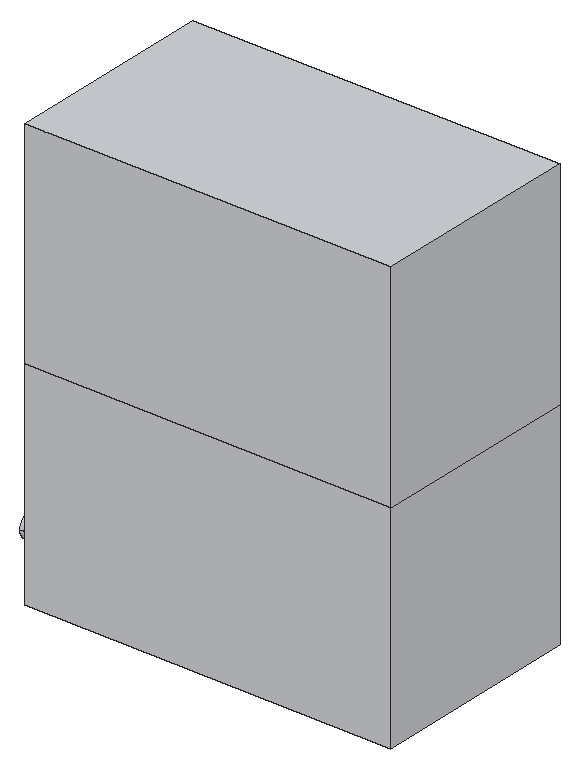
Revit family "Fan coil modular - Vertical", category Equipamento mecânico, Revit 2019
Family settings
  Cota do conector redondo = Usar raio
  Tipo de parte = Normal
  ID de item do Seek = AHU Coil - Refrigerant - Indoor-0000-USA-ENU
  Com base no plano de trabalho = Não
  Sempre na vertical = Sim
  Corte com vazios quando carregada = Não
  Compartilhado = Não
  Ponto de cálculo do ambiente = Não
Parameters (values of type "Padrão")
  Queda de pressão da água [instance] = 0.0 Pa
  Comprimento da unidade = 765 mm
  Altura da conexão mecânica 2 = Altura da unidade de entrada - 100 mm  # 350 mm
  Altura da conexão mecânica 1 = 100 mm
  Altura da unidade de entrada = Altura da unidade combinada / 2  # 450 mm
  Largura do duto de entrada = 715 mm
  Altura do duto de entrada = 400 mm
  Raio da drenagem = 20 mm
  Diâmetro da drenagem = Raio da drenagem * 2  # 40 mm
  Altura da unidade combinada = 900 mm
  Largura do duto de descarga = 715 mm
  Altura do duto de descarga = 390 mm
  Largura da unidade = 440 mm
  Fluxo de ar [instance] = 2833.2 m³/h
  Raio 2 = Raio da água mecânica + 25.4 mm  # 50.4 mm
  Raio 1 = Raio 2 / 2  # 25.2 mm
  Fluxo da drenagem [instance] = 0.0 L/s
  Material da serpentina = none
  Raio da água mecânica = 25 mm
  Fluxo da água [instance] = 1.0 L/s
  Diâmetro da água mecânica = Raio da água mecânica * 2  # 50 mm
  Queda de pressão do ar [instance] = 0.0 Pa
Reference planes
  plane 1 "Parte frontal": y = 0
  plane 2 "Inferior": z = 0
  plane 3 "Centro (direita/esquerda)": x = 0
  plane 4 "Esquerda": x = -382.5
  plane 5 "Direita": x = 382.5
  plane 6: y = 162.406
  plane 7: y = 126.2
  plane 8: y = 25.4
  plane 9: y = 75.8
  plane 10 "Topo da unidade de entrada": z = 450
  plane 11: z = 425
  plane 12: z = 25
  plane 13: x = 357.5
  plane 14: x = -357.5
  plane 15: x = -432.5
  plane 16: x = -382.5
  plane 17: x = -432.5
  plane 18: z = 50
  plane 19: z = 100
  plane 20: z = 350
  plane 21: z = 225
  plane 22 "Base": z = 0
  plane 23 "Parte posterior": y = 440
  plane 24 "Altura do duto de descarga 1": z = 25
  plane 25 "Esquerda do duto de descarga": x = -357.5
  plane 26 "Direita do duto de descarga": x = 357.5
  plane 27 "Topo da unidade combinada": z = 900
  plane 28 "Topo do duto de descarga": y = 400
  plane 29 "Duto de descarga d": y = 370
  plane 30 "Parte inferior do duto de descarga": y = 340
  plane 31 "Centro (Frente/Trás)": y = 220
Forms (mm)
  Extrusion 1, solid, material <- "Material da serpentina"
    sketch origin (0, 0, 0) x (1, 0, 0) y (0, 0, 1)
      loop
        line (-382.5, 450) -> (-382.5, 0) -> (382.5, 0) -> (382.5, 450) -> (-382.5, 450)
    from -440 to 0
  Extrusion 2, solid, material <- "Material da serpentina"
    sketch origin (0, 0, 0) x (0, 1, 0) y (0, 0, 1)
      loop
        circle (162.406, 50) r 20
    from -432.5 to -382.5
  Extrusion 3, solid, material <- "Material da serpentina"
    sketch origin (0, 0, 0) x (0, 1, 0) y (0, 0, 1)
      loop
        circle (126.2, 350) r 25
      loop
        circle (75.8, 100) r 25
    from -432.5 to -382.5
  Extrusion 4, solid, material <- "Material da serpentina"
    sketch origin (20, 451.012, 800) x (-1, 0, 0) y (0, 0, 1)
      loop
        line (402.5, 100) -> (-362.5, 100) -> (-362.5, -350) -> (402.5, -350) -> (402.5, 100)
    from -11.012 to -451.012
Cuts and joins
  joined: Extrusion 1, Extrusion 2, Extrusion 3
Dimensions and locks
  equal spacing: plane 4 "Esquerda", plane 3 "Centro (direita/esquerda)", plane 5 "Direita"
  "Comprimento da unidade": plane 4 "Esquerda" to plane 5 "Direita"
  locked: plane 1 "Parte frontal" to plane 8 at 25.4
  "Raio 2": plane 9 to plane 8
  "Altura da unidade de entrada": plane 10 "Topo da unidade de entrada" to plane 2 "Inferior"
  equal spacing: plane 14, plane 3 "Centro (direita/esquerda)", plane 13
  "Largura do duto de entrada": plane 14 to plane 13
  plane 22 "Base" to plane 2 "Inferior" = 0 mm
  plane 4 "Esquerda" to plane 17 = 50 mm
  plane 16 to plane 15 = 50 mm
  "Altura da conexão mecânica 1": plane 19 to plane 2 "Inferior"
  equal spacing: plane 11, plane 21, plane 12
  equal spacing: plane 10 "Topo da unidade de entrada", plane 21, plane 22 "Base"
  "Altura do duto de entrada": plane 11 to plane 12
  "Raio 2": plane 9 to plane 7
  "Largura da unidade": plane 23 "Parte posterior" to plane 1 "Parte frontal"
  equal spacing: plane 25 "Esquerda do duto de descarga", plane 3 "Centro (direita/esquerda)", plane 26 "Direita do duto de descarga"
  "Largura do duto de descarga": plane 25 "Esquerda do duto de descarga" to plane 26 "Direita do duto de descarga"
  "Altura da unidade combinada": plane 27 "Topo da unidade combinada" to plane 22 "Base"
  locked: plane 18 to plane 22 "Base" at 50
  plane 6 to plane 1 "Parte frontal" = 162.406 mm
  "Altura da conexão mecânica 2": plane 20 to plane 22 "Base"
  equal spacing: plane 28 "Topo do duto de descarga", plane 29 "Duto de descarga d", plane 30 "Parte inferior do duto de descarga"
  equal spacing: plane 23 "Parte posterior", plane 31 "Centro (Frente/Trás)", plane 1 "Parte frontal"
  "Raio da drenagem": radius of Extrusion 2 sketch curve
  "Raio da água mecânica": radius of Extrusion 3 sketch curve  (x2)
  aligned and locked: plane 4 "Esquerda" to Extrusion 1 sketch curve
  aligned and locked: Extrusion 1 sketch curve to plane 10 "Topo da unidade de entrada"
  aligned and locked: plane 2 "Inferior" to Extrusion 1 sketch curve
  aligned and locked: plane 5 "Direita" to Extrusion 1 sketch curve
  aligned and locked: plane 1 "Parte frontal" to Extrusion 1
  aligned and locked: plane 6 to Extrusion 2 sketch curve
  aligned and locked: plane 18 to Extrusion 2 sketch curve
  aligned and locked: Extrusion 2 to plane 15
  aligned and locked: plane 4 "Esquerda" to Extrusion 2
  aligned and locked: plane 9 to Extrusion 3 sketch curve
  aligned and locked: plane 19 to Extrusion 3 sketch curve
  aligned and locked: plane 7 to Extrusion 3 sketch curve
  aligned and locked: plane 20 to Extrusion 3 sketch curve
  aligned and locked: Extrusion 3 to plane 17
  aligned and locked: plane 16 to Extrusion 3
  aligned and locked: plane 16 to plane 4 "Esquerda"
  aligned and locked: plane 23 "Parte posterior" to cut or joined group of Extrusion 1, Extrusion 2, Extrusion 3
  aligned and locked: cut or joined group of Extrusion 1, Extrusion 2, Extrusion 3 to plane 23 "Parte posterior"
  aligned and locked: Extrusion 4 to plane 16
  aligned and locked: Extrusion 4 to plane 5 "Direita"
  aligned and locked: Extrusion 4 to plane 10 "Topo da unidade de entrada"
  aligned and locked: plane 27 "Topo da unidade combinada" to Extrusion 4
  aligned and locked: plane 23 "Parte posterior" to Extrusion 4
  aligned and locked: plane 1 "Parte frontal" to Extrusion 4
Automatic sketch dimensions
  plane 10 "Topo da unidade de entrada" to Extrusion 4 sketch curve = 450 mm
  level to Extrusion 4 sketch curve = 450 mm
  plane 13 to Extrusion 4 sketch curve = 25 mm
  plane 4 "Esquerda" to Extrusion 4 sketch curve = 0 mm
Connectors
  piping at (-432.5, 126.2, 350), diameter 50, driven by "Fluxo da água", driven by "Queda de pressão da água", driven by "Raio da água mecânica"
    settings: on cut or joined group of Extrusion 1, Extrusion 2, Extrusion 3, index 3, connector inside diameter 50 mm, connector length 0 mm, flow factor 0, pipe flow 1.0 L/s, pressure drop 0.0 Pa, fitting loss kfactor 0, connector angle 0.00°, fixture units 0, engagement length 0 mm, angle of deflection 0.00°, flow configuration 1, flow direction 2, fitting loss method 4, system type 8, joint type 0, gender type 0, connector reference index 4, connector utility 0, adjustable connector no, is connector primary yes, connector description "Saída de água resfriada"
  piping at (-432.5, 75.8, 100), diameter 50, driven by "Raio da água mecânica", driven by "Fluxo da água"
    settings: on cut or joined group of Extrusion 1, Extrusion 2, Extrusion 3, index 4, connector inside diameter 50 mm, connector length 0 mm, flow factor 0, pipe flow 1.0 L/s, pressure drop 0.0 Pa, fitting loss kfactor 0, connector angle 0.00°, fixture units 0, engagement length 0 mm, angle of deflection 0.00°, flow configuration 1, flow direction 1, fitting loss method 4, system type 7, joint type 0, gender type 0, connector reference index 3, connector utility 0, adjustable connector no, is connector primary no, connector description "Entrada de água resfriada"
  piping at (-432.5, 162.406, 50), diameter 40, driven by "Raio da drenagem", driven by "Fluxo da drenagem"
    settings: on cut or joined group of Extrusion 1, Extrusion 2, Extrusion 3, index 5, connector inside diameter 40 mm, connector length 0 mm, flow factor 0, pipe flow 0.0 L/s, pressure drop 0.0 Pa, fitting loss kfactor 0, connector angle 0.00°, fixture units 0, engagement length 0 mm, angle of deflection 0.00°, flow configuration 1, flow direction 2, fitting loss method 0, system type 16, joint type 0, gender type 0, connector reference index -1, connector utility 0, adjustable connector yes, is connector primary no, connector description "Saída da drenagem"
  hvac at (0, 0, 225), driven by "Altura do duto de entrada", driven by "Largura do duto de entrada"
    settings: on cut or joined group of Extrusion 1, Extrusion 2, Extrusion 3, index 8, duct flow 2833.2 m³/h, flow factor 0, pres drop 0.0 Pa, loss coef 0, conn angle 0.00°, conn width 715 mm, conn height 400 mm, conn diameter 609.6 mm, duct sys type 2, conn prof type 1, flow config 0, flow direction 1, loss method 0, conn ref index 9, conn util no, is conn primary yes, conn desc "Entrada de ar"
  hvac at (0, 220, 900), driven by "Queda de pressão do ar", driven by "Fluxo de ar", driven by "Altura do duto de descarga", driven by "Largura do duto de descarga"
    settings: on Extrusion 4, index 9, duct flow 2833.2 m³/h, flow factor 0, pres drop 0.0 Pa, loss coef 0, conn angle 0.00°, conn width 715 mm, conn height 390 mm, conn diameter 609.6 mm, duct sys type 1, conn prof type 1, flow config 0, flow direction 2, loss method 4, conn ref index 8, conn util no, is conn primary no, conn desc "Saída de ar"
Types in the file's own list only (14): name | Comprimento da unidade | Altura da conexão mecânica 2 | Altura da unidade de entrada | Largura do duto de entrada | Altura do duto de entrada | Altura da unidade combinada | Largura do duto de descarga | Altura do duto de descarga | Largura da unidade | Raio 2 | Raio 1
  1200m3/h | 765 mm | 340 mm | 440 mm | 715 mm | 390 mm | 880 mm | 715 mm | 390 mm | 440 mm | 50 mm | 25 mm
  1500m3/h | 1030 mm | 340 mm | 440 mm | 980 mm | 390 mm | 880 mm | 980 mm | 390 mm | 440 mm | 50 mm | 25 mm
  2000m3/h | 950 mm | 480 mm | 580 mm | 900 mm | 530 mm | 1160 mm | 900 mm | 435 mm | 485 mm | 50 mm | 25 mm
  3000m3/h | 1135 mm | 590 mm | 690 mm | 1085 mm | 640 mm | 1380 mm | 1085 mm | 515 mm | 565 mm | 50 mm | 25 mm
  4400m3/h | 1420 mm | 640 mm | 740 mm | 1370 mm | 690 mm | 1480 mm | 1370 mm | 610 mm | 660 mm | 50 mm | 25 mm
  5500m3/h | 1470 mm | 765 mm | 865 mm | 1420 mm | 815 mm | 1730 mm | 1420 mm | 530 mm | 580 mm | 50 mm | 25 mm
  6000m3/h | 1470 mm | 865 mm | 965 mm | 1420 mm | 915 mm | 1930 mm | 1420 mm | 530 mm | 580 mm | 50 mm | 25 mm
  7000m3/h | 1920 mm | 858 mm | 958 mm | 1870 mm | 908 mm | 1915 mm | 1870 mm | 620 mm | 670 mm | 50 mm | 25 mm
  9000m3/h | 1920 mm | 950 mm | 1050 mm | 1870 mm | 1000 mm | 2100 mm | 1870 mm | 620 mm | 670 mm | 50 mm | 25 mm
  12000m3/h | 1870 mm | 1115 mm | 1215 mm | 1820 mm | 1165 mm | 2430 mm | 1820 mm | 750 mm | 800 mm | 50 mm | 25 mm
  15000m3/h | 2200 mm | 1143 mm | 1243 mm | 2150 mm | 1193 mm | 2485 mm | 2150 mm | 750 mm | 800 mm | 50 mm | 25 mm
  17500m3/h | 2770 mm | 1108 mm | 1208 mm | 2720 mm | 1158 mm | 2415 mm | 2720 mm | 750 mm | 800 mm | 50 mm | 25 mm
  20000m3/h | 2770 mm | 1268 mm | 1368 mm | 2720 mm | 1318 mm | 2735 mm | 2720 mm | 850 mm | 900 mm | 50 mm | 25 mm
  25000m3/h | 2770 mm | 1358 mm | 1458 mm | 2720 mm | 1408 mm | 2915 mm | 2720 mm | 850 mm | 900 mm | 50 mm | 25 mm
